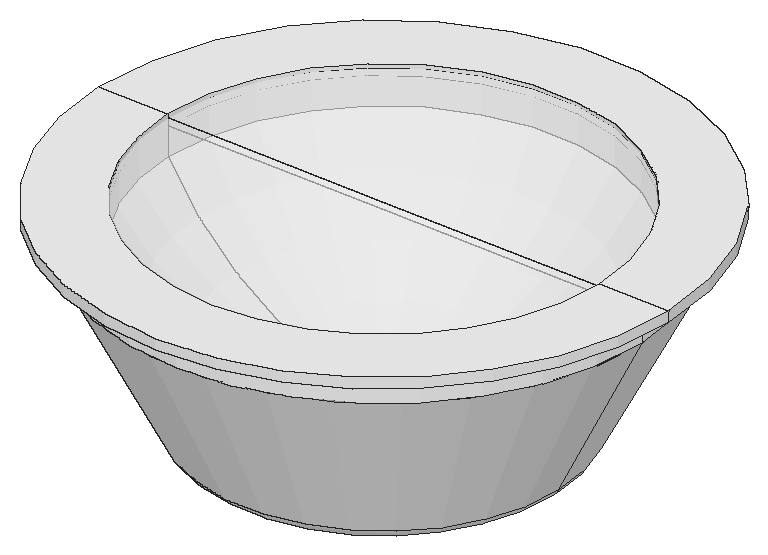
Revit family "0030437", category Lighting Fixtures, host Face, Revit 2017
Family settings
  Host = Face
  Round Connector Dimension = Use Diameter
  Part Type = Normal
  OmniClass Number = 23.80.70.00
  OmniClass Title = Lighting
  Cut with Voids When Loaded = No
  Light Source = Yes
  Shared = No
  Room Calculation Point = No
Parameters (values of type "0030437 INSAVER SLIM UGR19 150 IP44 875LM 940")
  WidthBezel_SYL = if(Size1_SYL, 20 mm, if(Size2_SYL, 20 mm, if(Size3PIR_SYL, 30 mm, if(Size4_SYL, 20 mm, 20 mm))))  # 20 mm
  Weight = "9.0 kg"
  Wattage Comments = ""
  Wattage = 9 W
  WarrantyStartDate [instance] = "n/a"
  WarrantyGuarantorParts = "n/a"
  WarrantyDurationUnit = "n/a"
  WarrantyDurationParts = "n/a"
  WarrantyDescription = "n/a"
  built-in parameter 1150110 = 1 (stored number, unit not read)
  Voltage = 0 V
  VisibilityPIR_SYL = Size3PIR_SYL  # no
  URL = "http://www.sylvania-lighting.com"
  TypeName = "Insaver Slim UGR19 150 IP44 875lm 940"
  Type Image = <None>
  Type Comments = "n/a"
  built-in parameter 1114217 = 1 (stored number, unit not read)
  Tilt Angle = -90.00°
  built-in parameter 1150109 = 1 (stored number, unit not read)
  built-in parameter 1150134 = 12
  built-in parameter 1150113 = 1 (stored number, unit not read)
  Size4_SYL = no
  Size3PIR_SYL = no
  Size2_SYL = no
  Size1_SYL = yes
  SerialNumber [instance] = "n/a"
  RadiusTop_SYL = 6 mm
  RadiusReflector_SYL = if(Size1_SYL, 85 mm, if(Size2_SYL, 85 mm, if(Size3PIR_SYL, 85 mm, if(Size4_SYL, 100 mm, 120 mm))))  # 85 mm
  Photometric Web File = "0030437.ies"
  Material_3_FEILO = Top-Sylvania-STARTDownlight
  PowerFactor = 0.9
  PowerConsumption = "9 W"
  NominalLength = 165 mm
  NominalHeight = 50 mm
  NominalDepth = 165 mm
  Name = "Insaver Slim UGR19 150 IP44 875lm 940"
  ModelReference = Name  # "Insaver Slim UGR19 150 IP44 875lm 940"
  ModelNumber = "0030437"
  Model = Name  # "Insaver Slim UGR19 150 IP44 875lm 940"
  Material = "aluminium housing"
  ManufacturerName = "Feilo Sylvania"
  Manufacturer = "Feilo Sylvania"
  LuminousEfficacy = "97 lm/W"
  built-in parameter 1150105 = 768.16 (stored number, unit not read)
  Lumens = 873 lm
  LuminaireType = ""
  built-in parameter 1150115 = 1 (stored number, unit not read)
  LightOutputRatio = "n/a"
  built-in parameter 1150137 = (empty or 0)
  built-in parameter 1150139 = (empty or 0)
  LampsType = Lamp  # "LED"
  LampNominalLuminous = "875 lm"
  LampMacAdamStep = "3"
  LampColourTemperature = "4000 K"
  LampColourRenderingIndex = "90"
  built-in parameter 1150112 = 1 (stored number, unit not read)
  built-in parameter 1150114 = 1 (stored number, unit not read)
  Lamp = "LED"
  Keynote = "16500"
  InstallationDate [instance] = "n/a"
  InputVoltage = "n/a"
  InputNominalFrequency = "n/a"
  built-in parameter 1150132 = (empty or 0)
  built-in parameter 1150102 = (empty or 0)
  built-in parameter 1150107 = 4000 (stored number, unit not read)
  built-in parameter 1150138 = (empty or 0)
  IngressProtection = "IP44/20"
  ImpactProtectionIndex = "IK07"
  built-in parameter 1150106 = 7.6816 (stored number, unit not read)
  IfcExportType = "IfcLightFixtureType"
  IfcExportAs = "IfcLightFixtureType"
  Height_SYL = if(Size1_SYL, 61 mm, if(Size2_SYL, 61 mm, if(Size3PIR_SYL, 61 mm, if(Size4_SYL, 61 mm, 60 mm))))  # 61 mm
  HeightBezel_SYL = if(Size1_SYL, 3 mm, if(Size2_SYL, 3 mm, if(Size3PIR_SYL, 3 mm, if(Size4_SYL, 3.2 mm, 3 mm))))  # 3 mm
  ExpectedLife = 50000
  Emit from Circle Diameter = Diameter_SYL - 40 mm  # 125 mm
  Emit Shape Visible in Rendering = no
  ElectricShockClassification = "Class II"
  built-in parameter 1150104 = 9.0116 (stored number, unit not read)
  DurationUnit = "hours"
  DocumentationLiterature = "http://www.sylvania-lighting.com/product/en-int/products/0030437"
  DimmingControlOptions = "n/a"
  Material_2_FEILO = Diffuser-Sylvania-STARTDownlight
  Dimming Lamp Color Temperature Shift = <None>
  Diameter_SYL = if(Size1_SYL, 165 mm, if(Size2_SYL, 190 mm, if(Size3PIR_SYL, 211 mm, if(Size4_SYL, 220 mm, 240 mm))))  # 165 mm
  DiameterTop_SYL = if(Size1_SYL, 98 mm, if(Size2_SYL, 122 mm, if(Size3PIR_SYL, 120 mm, if(Size4_SYL, 135 mm, 158 mm))))  # 98 mm
  DiameterTopBase_SYL = DiameterRecess_SYL  # 150 mm
  DiameterRecess_SYL = if(Size1_SYL, 150 mm, if(Size2_SYL, 170 mm, if(Size3PIR_SYL, 186 mm, if(Size4_SYL, 200 mm, 225 mm))))  # 150 mm
  Description = ""
  Default Elevation = 1219.2 mm
  CreatedOn = "11/19/2020"
  CreatedBy = "@sylvania-lighting.com"
  Cost = 0
  Color Filter = 16777215
  built-in parameter 1114216 [instance] = (empty or 0)
  ClassificationValue = "EF_70_80"
  ClassificationName = "Uniclass2015"
  Material_1_FEILO = Trim-Sylvania-STARTDownlight-White
  BarCode [instance] = "n/a"
  built-in parameter 1114218 = 1 (stored number, unit not read)
  built-in parameter 1150133 = 10 (stored number, unit not read)
  AssetType = "Fixed"
  AssetIdentifier [instance] = "n/a"
  Assembly Code = "D5020200"
  Apparent Load = 9 VA
  Material_4_FEILO = LED-Sylvania-STARTDownlight
Reference planes
  plane 1 "Center (Front/Back)": y = 0
  plane 2: z = 0
  plane 3 "Center (Left/Right)": x = 0
  plane 4: x = 82.5
  plane 5: x = -82.5
  plane 6: z = 3
  plane 7: z = -8
  plane 8: z = -58
  plane 9: x = -75
  plane 10: x = 75
  plane 11: x = -49
  plane 12: x = 49
  plane 13: z = -85
  plane 14: x = -62.5
  plane 15: z = 2
  plane 16: z = -46
  plane 17: x = -16
  plane 18: x = -67.5
  plane 19: x = -81.5
  plane 20: x = -99.5
  plane 21: x = -76.5
  plane 22: z = 5.5
  plane 23: z = 8.7
  plane 24: x = -75.5
  plane 25: z = 13.7
Forms (mm)
  Revolve 1, void
    sketch origin (0, 0, 0) x (1, 0, 0) y (0, 0, 1)
      loop
        line (0, 0) -> (-75, 0) -> (-75, -85) -> (0, -85) -> (0, 0)
      axis (0, 0) -> (0, -85)
    angle from 360 to 0
  Revolve 2, solid, material "Trim-Sylvania-STARTDownlight-White" <- "Material_1_FEILO"
    sketch origin (0, 0, 0) x (1, 0, 0) y (0, 0, 1)
      loop
        line (-62.5, 3) -> (-82.5, 3) -> (-82.5, 0) -> (-75, 0) -> (-75, -8) -> (-50.681, -54.768)
        arc (-50.681, -54.768) -> (-48.471, -57.129) -> (-45.357, -58) r 6
        line (-45.357, -58) -> (0, -58) -> (0, -46) -> (-16, -46)
        arc (-16, -46) -> (-42.718, -31.243) -> (-62.5, -8) r 85
        line (-62.5, -8) -> (-62.5, 3)
      axis (0, 3) -> (0, -58)
    angle from 360 to 0
  Revolve 3, solid, material "Diffuser-Sylvania-STARTDownlight" <- "Material_2_FEILO"
    sketch origin (0, 0, 0) x (1, 0, 0) y (0, 0, 1)
      loop
        line (-62.5, 0) -> (0, 0) -> (0, 2) -> (-62.5, 2) -> (-62.5, 0)
      axis (0, 2) -> (0, 0)
    angle from 360 to 0
  Revolve 4, solid, material "Trim-Sylvania-STARTDownlight-White" <- "Material_1_FEILO", visible <- "VisibilityPIR_SYL"
    sketch origin (0, 0, 0) x (1, 0, 0) y (0, 0, 1)
      loop
        line (-67.5, 3) -> (-67.5, 13.7)
        arc (-67.5, 13.7) -> (-72.217, 12.347) -> (-75.5, 8.7) r 8.9
        line (-75.5, 8.7) -> (-75.5, 5.5) -> (-76.5, 5.5) -> (-76.5, 3) -> (-67.5, 3)
      axis (-67.5, 13.7) -> (-67.5, 3)
    angle from 360 to 0
Dimensions and locks
  equal spacing: plane 4, plane 3 "Center (Left/Right)", plane 5
  "Diameter_SYL": plane 4 to plane 5
  equal spacing: plane 10, plane 3 "Center (Left/Right)", plane 9
  equal spacing: plane 12, plane 3 "Center (Left/Right)", plane 11
  "DiameterTop_SYL": plane 12 to plane 11
  "HeightBezel_SYL": plane 6 to plane 2
  "Height_SYL": plane 6 to plane 8
  locked: plane 2 to plane 7 at 8
  locked: plane 2 to plane 13 at 85
  "WidthBezel_SYL": plane 14 to plane 5
  locked: plane 6 to plane 15 at 1
  "DiameterRecess_SYL": plane 10 to plane 9
  locked: plane 3 "Center (Left/Right)" to plane 17 at 16
  locked: plane 16 to plane 8 at 12
  locked: plane 18 to plane 21 at 9
  locked: plane 22 to plane 6 at 2.5
  locked: plane 23 to plane 22 at 3.2
  locked: plane 18 to plane 24 at 8
  locked: plane 25 to plane 23 at 5
  locked: plane 25 to Revolve 4 sketch curve at 8.9
  locked: plane 18 to plane 5 at 15
  "RadiusReflector_SYL": radius of Revolve 2 sketch curve
  "RadiusTop_SYL": radius of Revolve 2 sketch curve
  aligned and locked: plane 2 to host face
  aligned and locked: level to host face
  aligned and locked: Revolve 1 sketch curve to plane 3 "Center (Left/Right)"
  aligned and locked: plane 3 "Center (Left/Right)" to Revolve 1 sketch curve
  aligned and locked: Revolve 1 sketch curve to plane 9
  aligned and locked: plane 13 to Revolve 1 sketch curve
  aligned and locked: plane 3 "Center (Left/Right)" to imposter light
  aligned and locked: imposter light to plane 15
  aligned and locked: imposter light to plane 1 "Center (Front/Back)"
  aligned and locked: Revolve 2 sketch curve to plane 3 "Center (Left/Right)"
  aligned and locked: Revolve 2 sketch curve to plane 6
  aligned and locked: Revolve 2 sketch curve to plane 5
  aligned and locked: Revolve 2 sketch curve to level
  aligned and locked: plane 7 to Revolve 2 sketch curve  (x2)
  aligned and locked: Revolve 2 sketch curve to plane 9
  aligned and locked: plane 8 to Revolve 2 sketch curve
  aligned and locked: Revolve 2 sketch curve to plane 14
  aligned and locked: plane 3 "Center (Left/Right)" to Revolve 2 sketch curve
  aligned and locked: Revolve 2 sketch curve to plane 16
  aligned and locked: Revolve 3 sketch curve to plane 3 "Center (Left/Right)"
  aligned and locked: Revolve 3 sketch curve to level
  aligned and locked: imposter light to Revolve 3 sketch curve  (x2)
  aligned and locked: Revolve 4 sketch curve to plane 18  (x2)
  aligned and locked: Revolve 4 sketch curve to plane 6
  aligned and locked: plane 22 to Revolve 4 sketch curve
  aligned and locked: plane 24 to Revolve 4 sketch curve
  aligned and locked: Revolve 4 sketch curve to Revolve 4 sketch curve
  aligned and locked: plane 21 to Revolve 4 sketch curve
Automatic sketch dimensions
  host sketch curve to host sketch curve = 2438.4 mm  (x2)
  plane 13 to Revolve 1 sketch curve = 524.6 mm
  Revolve 1 sketch curve to plane 6 = 2606.058 mm
  Revolve 1 sketch curve to level = 0 mm
  Revolve 2 sketch curve to plane 17 = 0 mm
  Revolve 2 sketch curve to plane 11 = 1.681 mm
  plane 11 to Revolve 2 sketch curve = 3.643 mm
  plane 13 to Revolve 2 sketch curve = 524.6 mm
  Revolve 2 sketch curve to Revolve 2 sketch curve = 2577.983 mm
  Revolve 3 sketch curve to plane 14 = 0 mm
  plane 13 to Revolve 3 sketch curve = 524.6 mm
  Revolve 3 sketch curve to plane 6 = 2606.058 mm
  Revolve 4 sketch curve to plane 23 = 0 mm
  plane 13 to Revolve 4 sketch curve = 524.6 mm
  Revolve 4 sketch curve to Revolve 4 sketch curve = 2595.358 mm
Connectors
  electrical at (0, 0, 0), driven by "Apparent Load", driven by "PowerFactor", driven by "Voltage"
    settings: index 1, voltage 0 V, apparent load 9 VA, apparent load phase1 0 VA, apparent load phase2 0 VA, apparent load phase3 0 VA, power factor 0.9, load classification "Lighting", number of poles 1, system type 30, power factor state 1, is connector primary yes, connector utility no, sub classification motor no, connector description ""
